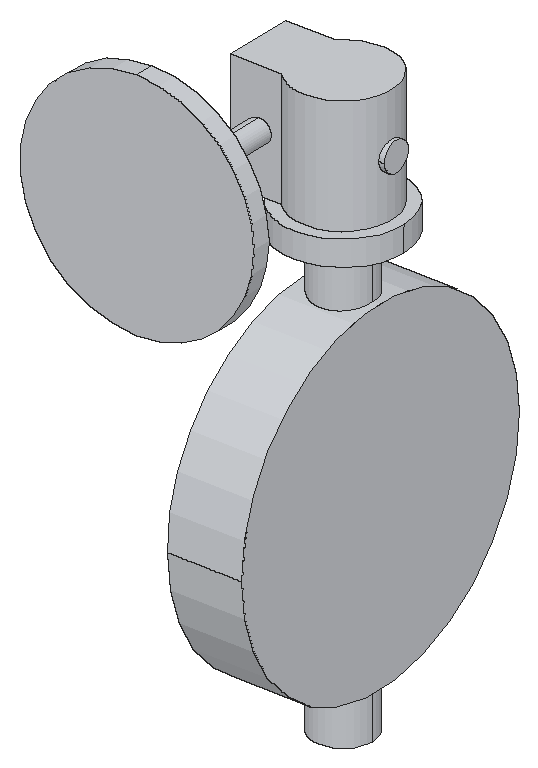
Revit family "HS497-67_disk-litina-převodové kolo DN500-RFA_2019", category Pipe Accessories, Revit 2019
Family settings
  Round Connector Dimension = Use Diameter
  Part Type = Valve - Breaks Into
  Work Plane-Based = No
  Always vertical = Yes
  Cut with Voids When Loaded = No
  Shared = No
Parameters (values of type "HS 497-67_DN500_PN10_převodové kolo")
  magiProductId = "7647804f32e94cef828a7034a91a46"
  magiProductFamilyId = "53cea81e6f374d17b8841d9c72ad77"
  magiPartTypeId = 305
  isMeasuringValve [instance] = no
  ang2D [instance] = 0.00°
  X11 = 143.397 mm
  X1 = 59.397 mm
  W2D = 1000 mm
  VersionID = "2.0/2017.9.26.1/ZETKAMA_497_001"
  Use Minimum Symbol Size [instance] = yes
  URL = "http://www.hydronic.cz"
  Type Comments = "mezipřírubová; litinový disk; PN10; -10~+110°C (krátkodobě +120°C)"
  SW30 = yes
  SW3 = yes
  SW21 = no
  SW20 = no
  SW2 = no
  SW1 = no
  R = 250 mm
  QmdConnectorList = "301;D;302;D"
  Productdata [instance] = ""
  NC = 91.5 mm
  Model = ""
  Manufacturer = "Hydronic Systems Prague s.r.o."
  MM20 = 59.397 mm
  MC Product Code = "125 500 (litinový disk, s převodovým kolem; DN500; PN10, kvs23805)"
  M41 = 144.75 mm
  M4 = 96.5 mm
  LHL = 220 mm
  LHH3 = 2.45 mm
  LHH1 = 46.55 mm
  LH1 = 73.333 mm
  L4R__ve = -L4R  # -32.1 mm
  L4R = 32.1 mm
  L42__ve = -L42  # -240.75 mm
  L42 = 240.75 mm
  L41__ve = -L41  # -48.15 mm
  L41 = 48.15 mm
  L2D_Min = 3048 mm
  L2D = 216 mm
  L2 = 63.5 mm
  L1 = 101.6 mm
  L = 127 mm
  H = 38 mm
  G22 = 11.25 mm
  G2 = 22.5 mm
  G1 = 90 mm
  G = 210 mm
  F = 36 mm
  E44 = 100 mm
  E42 = 200 mm
  E4 = 400 mm
  E23 = 4.9 mm
  E22 = 19.6 mm
  E21 = 9.8 mm
  Description = "Mezipřírubová uzavírací klapka s převodovým kolem; litinový disk, DN500; PN10; kvs23805"
  DR2 = 250 mm
  DR = 593 mm
  DD1 = 50 mm
  DD = 40 mm
  D = 500 mm
  CAT0 = yes
  B2__ve = -B2  # -130 mm
  B2 = 130 mm
  A2 = 43.25 mm
  A1 = 139.25 mm
Types (43, lengths in mm): name | magiProductId | X11 | X1 | Type Comments | SW30 | SW3 | SW20 | SW2 | SW1 | R | NC | MM20 | MC Product Code | M41 | M4 | LHL | LHH3 | LHH1 | LH1 | L4R__ve | L4R | L42__ve | L42 | L41__ve | L41 | L2 | L1 | L | H | G | F | E44 | E42 | E4 | E23 | E22 | E21 | Description | DR2 | DR | DD1 | DD | D | B2__ve | B2 | A2 | A1
  HS 497-67_DN100_PN16_volné vřeteno | "65d1b245f4f142c78569c0602d5754" | 61.456 | 25.456 | "mezipřírubová; litinový disk; PN16; -10~+110°C (krátkodobě +120°C)" | no | no | no | no | yes | 50 | 50 | 25.456 | "123 100 (litinový disk, s volným vřetenem; DN100; PN16, kvs512)" | 66 | 44 | 220 | 2.45 | 46.55 | 73.333 | -12.8 | 12.8 | -96 | 96 | -19.2 | 19.2 | 26 | 41.6 | 52 | 30 | 90 | 11 | 31.25 | 62.5 | 125 | 4.9 | 19.6 | 9.8 | "Mezipřírubová uzavírací klapka s volným vřetenem; litinový disk, DN100; PN16; kvs512" | 50 | 147 | 15.625 | 12.5 | 100 | -56 | 56 | 16.5 | 98.5
  HS 497-67_DN100_PN16_převodové kolo | "11e91b807e674d428c8e796fcdcfe2" | 61.456 | 25.456 | "mezipřírubová; litinový disk; PN16; -10~+110°C (krátkodobě +120°C)" | yes | yes | no | no | no | 50 | 50 | 25.456 | "125 100 (litinový disk, s převodovým kolem; DN100; PN16, kvs512)" | 65.25 | 43.5 | 220 | 2.45 | 46.55 | 73.333 | -12.8 | 12.8 | -96 | 96 | -19.2 | 19.2 | 26 | 41.6 | 52 | 30 | 90 | 11 | 31.25 | 62.5 | 125 | 4.9 | 19.6 | 9.8 | "Mezipřírubová uzavírací klapka s převodovým kolem; litinový disk, DN100; PN16; kvs512" | 50 | 147 | 15.625 | 12.5 | 100 | -56 | 56 | 16.5 | 98.5
  HS 497-67_DN100_PN16_s pákou | "28172f0b3f4b47b28323ac71cf8749" | 61.456 | 25.456 | "mezipřírubová; litinový disk; PN16; -10~+110°C (krátkodobě +120°C)" | no | no | yes | yes | no | 50 | 50 | 25.456 | "120 100 (litinový disk, s pákou; DN100; PN16, kvs512)" | 66 | 44 | 260 | 3 | 57 | 86.667 | -12.8 | 12.8 | -96 | 96 | -19.2 | 19.2 | 26 | 41.6 | 52 | 30 | 90 | 11 | 31.25 | 62.5 | 125 | 6 | 24 | 12 | "Mezipřírubová uzavírací klapka s pákou; litinový disk, DN100; PN16; kvs512" | 50 | 147 | 15.625 | 12.5 | 100 | -56 | 56 | 16.5 | 98.5
  HS 497-67_DN125_PN16_volné vřeteno | "0d813d910fc14f628bb3c2efbd185c" | 61.456 | 25.456 | "mezipřírubová; litinový disk; PN16; -10~+110°C (krátkodobě +120°C)" | no | no | no | no | yes | 62.5 | 50 | 25.456 | "123 125 (litinový disk, s volným vřetenem; DN125; PN16, kvs872)" | 66 | 44 | 220 | 2.45 | 46.55 | 73.333 | -12.8 | 12.8 | -96 | 96 | -19.2 | 19.2 | 28 | 44.8 | 56 | 33 | 90 | 14 | 31.25 | 62.5 | 125 | 4.9 | 19.6 | 9.8 | "Mezipřírubová uzavírací klapka s volným vřetenem; litinový disk, DN125; PN16; kvs872" | 62.5 | 180 | 15.625 | 12.5 | 125 | -64 | 64 | 18 | 99.5
  HS 497-67_DN125_PN16_převodové kolo | "c56b7c13f372467684996fb1e0e229" | 61.456 | 25.456 | "mezipřírubová; litinový disk; PN16; -10~+110°C (krátkodobě +120°C)" | yes | yes | no | no | no | 62.5 | 50 | 25.456 | "125 125 (litinový disk, s převodovým kolem; DN125; PN16, kvs872)" | 65.25 | 43.5 | 220 | 2.45 | 46.55 | 73.333 | -13.5 | 13.5 | -101.25 | 101.25 | -20.25 | 20.25 | 28 | 44.8 | 56 | 33 | 90 | 14 | 40 | 80 | 160 | 4.9 | 19.6 | 9.8 | "Mezipřírubová uzavírací klapka s převodovým kolem; litinový disk, DN125; PN16; kvs872" | 62.5 | 180 | 20 | 16 | 125 | -64 | 64 | 18 | 99.5
  HS 497-67_DN125_PN16_s pákou | "105993c79a91492399feef7931321a" | 61.456 | 25.456 | "mezipřírubová; litinový disk; PN16; -10~+110°C (krátkodobě +120°C)" | no | no | yes | yes | no | 62.5 | 50 | 25.456 | "120 125 (litinový disk, s pákou; DN125; PN16, kvs872)" | 66 | 44 | 315 | 3.75 | 71.25 | 105 | -12.8 | 12.8 | -96 | 96 | -19.2 | 19.2 | 28 | 44.8 | 56 | 33 | 90 | 14 | 31.25 | 62.5 | 125 | 7.5 | 30 | 15 | "Mezipřírubová uzavírací klapka s pákou; litinový disk, DN125; PN16; kvs872" | 62.5 | 180 | 15.625 | 12.5 | 125 | -64 | 64 | 18 | 99.5
  HS 497-67_DN150_PN16_volné vřeteno | "50c80cb8ab434f55ab7796e5ac1331" | 61.456 | 25.456 | "mezipřírubová; litinový disk; PN16; -10~+110°C (krátkodobě +120°C)" | no | no | no | no | yes | 75 | 50 | 25.456 | "123 150 (litinový disk, s volným vřetenem; DN150; PN16, kvs1347)" | 66 | 44 | 220 | 2.45 | 46.55 | 73.333 | -12.8 | 12.8 | -96 | 96 | -19.2 | 19.2 | 28 | 44.8 | 56 | 33 | 90 | 14 | 31.25 | 62.5 | 125 | 4.9 | 19.6 | 9.8 | "Mezipřírubová uzavírací klapka s volným vřetenem; litinový disk, DN150; PN16; kvs1347" | 75 | 206 | 15.625 | 12.5 | 150 | -58 | 58 | 19.3 | 98.7
  HS 497-67_DN150_PN16_převodové kolo | "d94a1a0cf83b476eb10011b327f709" | 61.456 | 25.456 | "mezipřírubová; litinový disk; PN16; -10~+110°C (krátkodobě +120°C)" | yes | yes | no | no | no | 75 | 50 | 25.456 | "125 150 (litinový disk, s převodovým kolem; DN150; PN16, kvs1347)" | 65.25 | 43.5 | 220 | 2.45 | 46.55 | 73.333 | -13.5 | 13.5 | -101.25 | 101.25 | -20.25 | 20.25 | 28 | 44.8 | 56 | 33 | 90 | 14 | 40 | 80 | 160 | 4.9 | 19.6 | 9.8 | "Mezipřírubová uzavírací klapka s převodovým kolem; litinový disk, DN150; PN16; kvs1347" | 75 | 206 | 20 | 16 | 150 | -58 | 58 | 19.3 | 98.7
  HS 497-67_DN150_PN16_s pákou | "4d2835523fe84828bc50ff0a5a0dfb" | 61.456 | 25.456 | "mezipřírubová; litinový disk; PN16; -10~+110°C (krátkodobě +120°C)" | no | no | yes | yes | no | 75 | 50 | 25.456 | "120 150 (litinový disk, s pákou; DN150; PN16, kvs1347)" | 66 | 44 | 315 | 3.75 | 71.25 | 105 | -12.8 | 12.8 | -96 | 96 | -19.2 | 19.2 | 28 | 44.8 | 56 | 33 | 90 | 14 | 31.25 | 62.5 | 125 | 7.5 | 30 | 15 | "Mezipřírubová uzavírací klapka s pákou; litinový disk, DN150; PN16; kvs1347" | 75 | 206 | 15.625 | 12.5 | 150 | -58 | 58 | 19.3 | 98.7
  HS 497-67_DN200_PN16_volné vřeteno | "5b29029eaeba47139ee1055a4b9201" | 61.456 | 25.456 | "mezipřírubová; litinový disk; PN16; -10~+110°C (krátkodobě +120°C)" | no | no | no | no | yes | 100 | 50 | 25.456 | "123 200 (litinový disk, s volným vřetenem; DN200; PN16, kvs2675)" | 66 | 44 | 220 | 2.45 | 46.55 | 73.333 | -12.8 | 12.8 | -96 | 96 | -19.2 | 19.2 | 30 | 48 | 60 | 33 | 90 | 17 | 31.25 | 62.5 | 125 | 4.9 | 19.6 | 9.8 | "Mezipřírubová uzavírací klapka s volným vřetenem; litinový disk, DN200; PN16; kvs2675" | 100 | 257 | 15.625 | 12.5 | 200 | -70 | 70 | 22.5 | 102.5
  HS 497-67_DN200_PN16_převodové kolo | "b2793cc1fcc44cf2a35062cd67c04f" | 61.456 | 25.456 | "mezipřírubová; litinový disk; PN16; -10~+110°C (krátkodobě +120°C)" | yes | yes | no | no | no | 100 | 57 | 25.456 | "125 200 (litinový disk, s převodovým kolem; DN200; PN16, kvs2675)" | 78.75 | 52.5 | 220 | 2.45 | 46.55 | 73.333 | -15.2 | 15.2 | -114 | 114 | -22.8 | 22.8 | 30 | 48 | 60 | 33 | 90 | 17 | 50 | 100 | 200 | 4.9 | 19.6 | 9.8 | "Mezipřírubová uzavírací klapka s převodovým kolem; litinový disk, DN200; PN16; kvs2675" | 100 | 257 | 25 | 20 | 200 | -70 | 70 | 22.5 | 102.5
  HS 497-67_DN200_PN16_s pákou | "f88d96c7af224537a51e72d7d8fffe" | 61.456 | 25.456 | "mezipřírubová; litinový disk; PN16; -10~+110°C (krátkodobě +120°C)" | no | no | yes | yes | no | 100 | 50 | 25.456 | "120 200 (litinový disk, s pákou; DN200; PN16, kvs2675)" | 66 | 44 | 315 | 3.75 | 71.25 | 105 | -12.8 | 12.8 | -96 | 96 | -19.2 | 19.2 | 30 | 48 | 60 | 33 | 90 | 17 | 31.25 | 62.5 | 125 | 7.5 | 30 | 15 | "Mezipřírubová uzavírací klapka s pákou; litinový disk, DN200; PN16; kvs2675" | 100 | 257 | 15.625 | 12.5 | 200 | -70 | 70 | 22.5 | 102.5
  HS 497-67_DN250_PN16_volné vřeteno | "b662e8305ca2402b9c510e66e6aa55" | 88.77 | 36.77 | "mezipřírubová; litinový disk; PN16; -10~+110°C (krátkodobě +120°C)" | no | no | no | no | yes | 125 | 50 | 36.77 | "123 250 (litinový disk, s volným vřetenem; DN250; PN16, kvs4555)" | 66 | 44 | 220 | 2.45 | 46.55 | 73.333 | -12.8 | 12.8 | -96 | 96 | -19.2 | 19.2 | 34 | 54.4 | 68 | 23 | 130 | 22 | 31.25 | 62.5 | 125 | 4.9 | 19.6 | 9.8 | "Mezipřírubová uzavírací klapka s volným vřetenem; litinový disk, DN250; PN16; kvs4555" | 125 | 324 | 15.625 | 12.5 | 250 | -85 | 85 | 28.25 | 129.25
  HS 497-67_DN250_PN16_převodové kolo | "5ee9016806664ddfaa2632711f295c" | 88.77 | 36.77 | "mezipřírubová; litinový disk; PN16; -10~+110°C (krátkodobě +120°C)" | yes | yes | no | no | no | 125 | 70 | 36.77 | "125 250 (litinový disk, s převodovým kolem; DN250; PN16, kvs4555)" | 91.5 | 61 | 220 | 2.45 | 46.55 | 73.333 | -22.2 | 22.2 | -166.5 | 166.5 | -33.3 | 33.3 | 34 | 54.4 | 68 | 23 | 130 | 22 | 62.5 | 125 | 250 | 4.9 | 19.6 | 9.8 | "Mezipřírubová uzavírací klapka s převodovým kolem; litinový disk, DN250; PN16; kvs4555" | 125 | 324 | 31.25 | 25 | 250 | -85 | 85 | 28.25 | 129.25
  HS 497-67_DN300_PN16_volné vřeteno | "e1886f51ff004380a649519258edf2" | 88.77 | 36.77 | "mezipřírubová; litinový disk; PN16; -10~+110°C (krátkodobě +120°C)" | no | no | no | no | yes | 150 | 50 | 36.77 | "123 300 (litinový disk, s volným vřetenem; DN300; PN16, kvs7037)" | 66 | 44 | 220 | 2.45 | 46.55 | 73.333 | -12.8 | 12.8 | -96 | 96 | -19.2 | 19.2 | 39 | 62.4 | 78 | 23 | 130 | 22 | 31.25 | 62.5 | 125 | 4.9 | 19.6 | 9.8 | "Mezipřírubová uzavírací klapka s volným vřetenem; litinový disk, DN300; PN16; kvs7037" | 150 | 376 | 15.625 | 12.5 | 300 | -90 | 90 | 30.8 | 127.2
  HS 497-67_DN300_PN16_převodové kolo | "6860f094f77d42088fbebc3c97f755" | 88.77 | 36.77 | "mezipřírubová; litinový disk; PN16; -10~+110°C (krátkodobě +120°C)" | yes | yes | no | no | no | 150 | 70 | 36.77 | "125 300 (litinový disk, s převodovým kolem; DN300; PN16, kvs7037)" | 91.5 | 61 | 220 | 2.45 | 46.55 | 73.333 | -22.2 | 22.2 | -166.5 | 166.5 | -33.3 | 33.3 | 39 | 62.4 | 78 | 23 | 130 | 22 | 62.5 | 125 | 250 | 4.9 | 19.6 | 9.8 | "Mezipřírubová uzavírací klapka s převodovým kolem; litinový disk, DN300; PN16; kvs7037" | 150 | 376 | 31.25 | 25 | 300 | -90 | 90 | 30.8 | 127.2
  HS 497-67_DN032_PN16_volné vřeteno | "8c5f65de52aa4067a77564107e31b2" | 61.456 | 25.456 | "mezipřírubová; litinový disk; PN16; -10~+110°C (krátkodobě +120°C)" | no | no | no | no | yes | 16 | 50 | 25.456 | "123 032 (litinový disk, s volným vřetenem; DN32; PN16, kvs78)" | 66 | 44 | 220 | 2.45 | 46.55 | 73.333 | -12.8 | 12.8 | -96 | 96 | -19.2 | 19.2 | 16.5 | 26.4 | 33 | 30 | 90 | 11 | 31.25 | 62.5 | 125 | 4.9 | 19.6 | 9.8 | "Mezipřírubová uzavírací klapka s volným vřetenem; litinový disk, DN32; PN16; kvs78" | 16 | 68 | 15.625 | 12.5 | 32 | -44.2 | 44.2 | 10.25 | 76.25
  HS 497-67_DN032_PN16_převodové kolo | "60aaeffa8b3a4e809ef000e4660060" | 61.456 | 25.456 | "mezipřírubová; litinový disk; PN16; -10~+110°C (krátkodobě +120°C)" | yes | yes | no | no | no | 16 | 50 | 25.456 | "125 032 (litinový disk, s převodovým kolem; DN32; PN16, kvs78)" | 65.25 | 43.5 | 220 | 2.45 | 46.55 | 73.333 | -12.8 | 12.8 | -96 | 96 | -19.2 | 19.2 | 16.5 | 26.4 | 33 | 30 | 90 | 11 | 31.25 | 62.5 | 125 | 4.9 | 19.6 | 9.8 | "Mezipřírubová uzavírací klapka s převodovým kolem; litinový disk, DN32; PN16; kvs78" | 16 | 68 | 15.625 | 12.5 | 32 | -44.2 | 44.2 | 10.25 | 76.25
  HS 497-67_DN032_PN16_s pákou | "9ad8088d610749a1b871aa2aad8007" | 61.456 | 25.456 | "mezipřírubová; litinový disk; PN16; -10~+110°C (krátkodobě +120°C)" | no | no | yes | yes | no | 16 | 50 | 25.456 | "120 032 (litinový disk, s pákou; DN32; PN16, kvs78)" | 66 | 44 | 220 | 2.45 | 46.55 | 73.333 | -12.8 | 12.8 | -96 | 96 | -19.2 | 19.2 | 16.5 | 26.4 | 33 | 30 | 90 | 11 | 31.25 | 62.5 | 125 | 4.9 | 19.6 | 9.8 | "Mezipřírubová uzavírací klapka s pákou; litinový disk, DN32; PN16; kvs78" | 16 | 68 | 15.625 | 12.5 | 32 | -44.2 | 44.2 | 10.25 | 76.25
  HS 497-67_DN350_PN10_volné vřeteno | "72a1e05f22944421b7e9596a877137" | 109.255 | 45.255 | "mezipřírubová; litinový disk; PN10; -10~+110°C (krátkodobě +120°C)" | no | no | no | no | yes | 175 | 50 | 45.255 | "123 350 (litinový disk, s volným vřetenem; DN350; PN10, kvs10165)" | 66 | 44 | 220 | 2.45 | 46.55 | 73.333 | -12.8 | 12.8 | -96 | 96 | -19.2 | 19.2 | 39 | 62.4 | 78 | 31 | 160 | 22 | 31.25 | 62.5 | 125 | 4.9 | 19.6 | 9.8 | "Mezipřírubová uzavírací klapka s volným vřetenem; litinový disk, DN350; PN10; kvs10165" | 175 | 430 | 15.625 | 12.5 | 350 | -88 | 88 | 33.85 | 129.65
  HS 497-67_DN350_PN10_převodové kolo | "a5a01426cb28494ba3afca92f1dace" | 109.255 | 45.255 | "mezipřírubová; litinový disk; PN10; -10~+110°C (krátkodobě +120°C)" | yes | yes | no | no | no | 175 | 70 | 45.255 | "125 350 (litinový disk, s převodovým kolem; DN350; PN10, kvs10165)" | 91.5 | 61 | 220 | 2.45 | 46.55 | 73.333 | -22.2 | 22.2 | -166.5 | 166.5 | -33.3 | 33.3 | 39 | 62.4 | 78 | 31 | 160 | 22 | 62.5 | 125 | 250 | 4.9 | 19.6 | 9.8 | "Mezipřírubová uzavírací klapka s převodovým kolem; litinový disk, DN350; PN10; kvs10165" | 175 | 430 | 31.25 | 25 | 350 | -88 | 88 | 33.85 | 129.65
  HS 497-67_DN400_PN10_volné vřeteno | "c70ebeb927c04ab99b176e257ad0a7" | 109.255 | 45.255 | "mezipřírubová; litinový disk; PN10; -10~+110°C (krátkodobě +120°C)" | no | no | no | no | yes | 200 | 50 | 45.255 | "123 400 (litinový disk, s volným vřetenem; DN400; PN10, kvs13799)" | 66 | 44 | 220 | 2.45 | 46.55 | 73.333 | -12.8 | 12.8 | -96 | 96 | -19.2 | 19.2 | 51 | 81.6 | 102 | 31 | 160 | 27 | 31.25 | 62.5 | 125 | 4.9 | 19.6 | 9.8 | "Mezipřírubová uzavírací klapka s volným vřetenem; litinový disk, DN400; PN10; kvs13799" | 200 | 485 | 15.625 | 12.5 | 400 | -108 | 108 | 38 | 142
  HS 497-67_DN400_PN10_převodové kolo | "cc64a4384dcb41b780d81810f4f293" | 109.255 | 45.255 | "mezipřírubová; litinový disk; PN10; -10~+110°C (krátkodobě +120°C)" | yes | yes | no | no | no | 200 | 72.5 | 45.255 | "125 400 (litinový disk, s převodovým kolem; DN400; PN10, kvs13799)" | 103.5 | 69 | 220 | 2.45 | 46.55 | 73.333 | -27.8 | 27.8 | -208.5 | 208.5 | -41.7 | 41.7 | 51 | 81.6 | 102 | 31 | 160 | 27 | 75 | 150 | 300 | 4.9 | 19.6 | 9.8 | "Mezipřírubová uzavírací klapka s převodovým kolem; litinový disk, DN400; PN10; kvs13799" | 200 | 485 | 37.5 | 30 | 400 | -108 | 108 | 38 | 142
  HS 497-67_DN040_PN16_volné vřeteno | "35f92312390745e88df5b5c325d9ee" | 61.456 | 25.456 | "mezipřírubová; litinový disk; PN16; -10~+110°C (krátkodobě +120°C)" | no | no | no | no | yes | 20 | 50 | 25.456 | "123 040 (litinový disk, s volným vřetenem; DN40; PN16, kvs78)" | 66 | 44 | 220 | 2.45 | 46.55 | 73.333 | -12.8 | 12.8 | -96 | 96 | -19.2 | 19.2 | 16.5 | 26.4 | 33 | 30 | 90 | 11 | 31.25 | 62.5 | 125 | 4.9 | 19.6 | 9.8 | "Mezipřírubová uzavírací klapka s volným vřetenem; litinový disk, DN40; PN16; kvs78" | 20 | 76 | 15.625 | 12.5 | 40 | -36 | 36 | 11 | 79
  HS 497-67_DN040_PN16_převodové kolo | "d88e968eae3445bc9b7b4e6ff35127" | 61.456 | 25.456 | "mezipřírubová; litinový disk; PN16; -10~+110°C (krátkodobě +120°C)" | yes | yes | no | no | no | 20 | 50 | 25.456 | "125 040 (litinový disk, s převodovým kolem; DN40; PN16, kvs78)" | 65.25 | 43.5 | 220 | 2.45 | 46.55 | 73.333 | -12.8 | 12.8 | -96 | 96 | -19.2 | 19.2 | 16.5 | 26.4 | 33 | 30 | 90 | 11 | 31.25 | 62.5 | 125 | 4.9 | 19.6 | 9.8 | "Mezipřírubová uzavírací klapka s převodovým kolem; litinový disk, DN40; PN16; kvs78" | 20 | 76 | 15.625 | 12.5 | 40 | -36 | 36 | 11 | 79
  HS 497-67_DN040_PN16_s pákou | "c1b522ca65b4407a98818f232eaacb" | 61.456 | 25.456 | "mezipřírubová; litinový disk; PN16; -10~+110°C (krátkodobě +120°C)" | no | no | yes | yes | no | 20 | 50 | 25.456 | "120 040 (litinový disk, s pákou; DN40; PN16, kvs78)" | 66 | 44 | 220 | 2.45 | 46.55 | 73.333 | -12.8 | 12.8 | -96 | 96 | -19.2 | 19.2 | 16.5 | 26.4 | 33 | 30 | 90 | 11 | 31.25 | 62.5 | 125 | 4.9 | 19.6 | 9.8 | "Mezipřírubová uzavírací klapka s pákou; litinový disk, DN40; PN16; kvs78" | 20 | 76 | 15.625 | 12.5 | 40 | -36 | 36 | 11 | 79
  HS 497-67_DN450_PN10_volné vřeteno | "a8358bc282f14872b3194e530e590a" | 129.74 | 53.74 | "mezipřírubová; litinový disk; PN10; -10~+110°C (krátkodobě +120°C)" | no | no | no | no | yes | 225 | 50 | 53.74 | "123 450 (litinový disk, s volným vřetenem; DN450; PN10, kvs18514)" | 66 | 44 | 220 | 2.45 | 46.55 | 73.333 | -12.8 | 12.8 | -96 | 96 | -19.2 | 19.2 | 57 | 91.2 | 114 | 38 | 190 | 36 | 31.25 | 62.5 | 125 | 4.9 | 19.6 | 9.8 | "Mezipřírubová uzavírací klapka s volným vřetenem; litinový disk, DN450; PN10; kvs18514" | 225 | 536 | 15.625 | 12.5 | 450 | -115 | 115 | 38.05 | 117.45
  HS 497-67_DN450_PN10_převodové kolo | "cdf2d80f54a9414f9cbe50647c0ebd" | 129.74 | 53.74 | "mezipřírubová; litinový disk; PN10; -10~+110°C (krátkodobě +120°C)" | yes | yes | no | no | no | 225 | 91.5 | 53.74 | "125 450 (litinový disk, s převodovým kolem; DN450; PN10, kvs18514)" | 144.75 | 96.5 | 220 | 2.45 | 46.55 | 73.333 | -32.1 | 32.1 | -240.75 | 240.75 | -48.15 | 48.15 | 57 | 91.2 | 114 | 38 | 190 | 36 | 100 | 200 | 400 | 4.9 | 19.6 | 9.8 | "Mezipřírubová uzavírací klapka s převodovým kolem; litinový disk, DN450; PN10; kvs18514" | 225 | 536 | 50 | 40 | 450 | -115 | 115 | 38.05 | 117.45
  HS 497-67_DN500_PN10_volné vřeteno | "8c396e27bb2743f98f3c762b6517cd" | 143.397 | 59.397 | "mezipřírubová; litinový disk; PN10; -10~+110°C (krátkodobě +120°C)" | no | no | no | no | yes | 250 | 50 | 59.397 | "123 500 (litinový disk, s volným vřetenem; DN500; PN10, kvs23805)" | 66 | 44 | 220 | 2.45 | 46.55 | 73.333 | -12.8 | 12.8 | -96 | 96 | -19.2 | 19.2 | 63.5 | 101.6 | 127 | 38 | 210 | 36 | 31.25 | 62.5 | 125 | 4.9 | 19.6 | 9.8 | "Mezipřírubová uzavírací klapka s volným vřetenem; litinový disk, DN500; PN10; kvs23805" | 250 | 593 | 15.625 | 12.5 | 500 | -130 | 130 | 43.25 | 139.25
  HS 497-67_DN500_PN10_převodové kolo | "7647804f32e94cef828a7034a91a46" | 143.397 | 59.397 | "mezipřírubová; litinový disk; PN10; -10~+110°C (krátkodobě +120°C)" | yes | yes | no | no | no | 250 | 91.5 | 59.397 | "125 500 (litinový disk, s převodovým kolem; DN500; PN10, kvs23805)" | 144.75 | 96.5 | 220 | 2.45 | 46.55 | 73.333 | -32.1 | 32.1 | -240.75 | 240.75 | -48.15 | 48.15 | 63.5 | 101.6 | 127 | 38 | 210 | 36 | 100 | 200 | 400 | 4.9 | 19.6 | 9.8 | "Mezipřírubová uzavírací klapka s převodovým kolem; litinový disk, DN500; PN10; kvs23805" | 250 | 593 | 50 | 40 | 500 | -130 | 130 | 43.25 | 139.25
  HS 497-67_DN050_volné vřeteno | "d71f296ecd6d4adf8f6e5d9853b4e0" | 61.456 | 25.456 | "mezipřírubová; litinový disk; PN16; -10~+110°C (krátkodobě +120°C)" | no | no | no | no | yes | 25 | 50 | 25.456 | "123 050 (litinový disk, s volným vřetenem; DN50; PN16, kvs98)" | 66 | 44 | 220 | 2.45 | 46.55 | 73.333 | -12.8 | 12.8 | -96 | 96 | -19.2 | 19.2 | 21.5 | 34.4 | 43 | 30 | 90 | 11 | 31.25 | 62.5 | 125 | 4.9 | 19.6 | 9.8 | "Mezipřírubová uzavírací klapka s volným vřetenem; litinový disk, DN50; PN16; kvs98" | 25 | 100 | 15.625 | 12.5 | 50 | -36.5 | 36.5 | 12 | 83
  HS 497-67_DN050_PN16_převodové kolo | "2fb080deeaed49c58418b94c1da5a4" | 61.456 | 25.456 | "mezipřírubová; litinový disk; PN16; -10~+110°C (krátkodobě +120°C)" | yes | yes | no | no | no | 25 | 50 | 25.456 | "125 050 (litinový disk, s převodovým kolem; DN50; PN16, kvs98)" | 65.25 | 43.5 | 220 | 2.45 | 46.55 | 73.333 | -12.8 | 12.8 | -96 | 96 | -19.2 | 19.2 | 21.5 | 34.4 | 43 | 30 | 90 | 11 | 31.25 | 62.5 | 125 | 4.9 | 19.6 | 9.8 | "Mezipřírubová uzavírací klapka s převodovým kolem; litinový disk, DN50; PN16; kvs98" | 25 | 100 | 15.625 | 12.5 | 50 | -36.5 | 36.5 | 12 | 83
  HS 497-67_DN050_PN16_s pákou | "dabc632061f94877a994b9b4e68112" | 61.456 | 25.456 | "mezipřírubová; litinový disk; PN16; -10~+110°C (krátkodobě +120°C)" | no | no | yes | yes | no | 25 | 50 | 25.456 | "120 050 (litinový disk, s pákou; DN50; PN16, kvs98)" | 66 | 44 | 220 | 2.45 | 46.55 | 73.333 | -12.8 | 12.8 | -96 | 96 | -19.2 | 19.2 | 21.5 | 34.4 | 43 | 30 | 90 | 11 | 31.25 | 62.5 | 125 | 4.9 | 19.6 | 9.8 | "Mezipřírubová uzavírací klapka s pákou; litinový disk, DN50; PN16; kvs98" | 25 | 100 | 15.625 | 12.5 | 50 | -36.5 | 36.5 | 12 | 83
  HS 497-67_DN600_PN10_volné vřeteno | "99d5892c14664fce81a7c5903f7711" | 143.397 | 59.397 | "mezipřírubová; litinový disk; PN10; -10~+110°C (krátkodobě +120°C)" | no | no | no | no | yes | 300 | 50 | 59.397 | "123 600 (litinový disk, s volným vřetenem; DN600; PN10, kvs36778)" | 66 | 44 | 220 | 2.45 | 46.55 | 73.333 | -12.8 | 12.8 | -96 | 96 | -19.2 | 19.2 | 77 | 123.2 | 154 | 80 | 210 | 60 | 31.25 | 62.5 | 125 | 4.9 | 19.6 | 9.8 | "Mezipřírubová uzavírací klapka s volným vřetenem; litinový disk, DN600; PN10; kvs36788" | 300 | 690 | 15.625 | 12.5 | 600 | -140 | 140 | 49.4 | 144.6
  HS 497-67_DN600_PN10_převodové kolo | "b1e26faab48a4c499f6bb11e7e3002" | 143.397 | 59.397 | "mezipřírubová; litinový disk; PN10; -10~+110°C (krátkodobě +120°C)" | yes | yes | no | no | no | 300 | 140 | 59.397 | "125 600 (litinový disk, s převodovým kolem; DN600; PN10, kvs36778)" | 206.25 | 137.5 | 220 | 2.45 | 46.55 | 73.333 | -40.8 | 40.8 | -306 | 306 | -61.2 | 61.2 | 77 | 123.2 | 154 | 80 | 210 | 60 | 125 | 250 | 500 | 4.9 | 19.6 | 9.8 | "Mezipřírubová uzavírací klapka s převodovým kolem; litinový disk, DN600; PN10; kvs36788" | 300 | 690 | 62.5 | 50 | 600 | -140 | 140 | 49.4 | 144.6
  HS 497-67_DN065_PN16_volné vřeteno | "5e5e208646e34ec29f889baab5d08e" | 61.456 | 25.456 | "mezipřírubová; litinový disk; PN16; -10~+110°C (krátkodobě +120°C)" | no | no | no | no | yes | 32.5 | 50 | 25.456 | "123 065 (litinový disk, s volným vřetenem; DN65; PN16, kvs167)" | 66 | 44 | 220 | 2.45 | 46.55 | 73.333 | -12.8 | 12.8 | -96 | 96 | -19.2 | 19.2 | 23 | 36.8 | 46 | 30 | 90 | 11 | 31.25 | 62.5 | 125 | 4.9 | 19.6 | 9.8 | "Mezipřírubová uzavírací klapka s volným vřetenem; litinový disk, DN65; PN16; kv167" | 32.5 | 108 | 15.625 | 12.5 | 65 | -36.5 | 36.5 | 13.5 | 89
  HS 497-67_DN065_PN16_převodové kolo | "654d74c8d15540b0bfe523d988ccb3" | 61.456 | 25.456 | "mezipřírubová; litinový disk; PN16; -10~+110°C (krátkodobě +120°C)" | yes | yes | no | no | no | 32.5 | 50 | 25.456 | "125 065 (litinový disk, s převodovým kolem; DN65; PN16, kvs167)" | 65.25 | 43.5 | 220 | 2.45 | 46.55 | 73.333 | -12.8 | 12.8 | -96 | 96 | -19.2 | 19.2 | 23 | 36.8 | 46 | 30 | 90 | 11 | 31.25 | 62.5 | 125 | 4.9 | 19.6 | 9.8 | "Mezipřírubová uzavírací klapka s převodovým kolem; litinový disk, DN65; PN16; kvs167" | 32.5 | 108 | 15.625 | 12.5 | 65 | -36.5 | 36.5 | 13.5 | 89
  HS 497-67_DN065_PN16_s pákou | "ebeb4b59db0641caaf6d6635ab37b9" | 61.456 | 25.456 | "mezipřírubová; litinový disk; PN16; -10~+110°C (krátkodobě +120°C)" | no | no | yes | yes | no | 32.5 | 50 | 25.456 | "120 065 (litinový disk, s pákou; DN65; PN16, kvs167)" | 66 | 44 | 220 | 2.45 | 46.55 | 73.333 | -12.8 | 12.8 | -96 | 96 | -19.2 | 19.2 | 23 | 36.8 | 46 | 30 | 90 | 11 | 31.25 | 62.5 | 125 | 4.9 | 19.6 | 9.8 | "Mezipřírubová uzavírací klapka s pákou; litinový disk, DN65; PN16; kvs167" | 32.5 | 108 | 15.625 | 12.5 | 65 | -36.5 | 36.5 | 13.5 | 89
  HS 497-67_DN080_PN16_volné vřeteno | "9e85c75c18654e1185a9c48ed6b00e" | 61.456 | 25.456 | "mezipřírubová; litinový disk; PN16; -10~+110°C (krátkodobě +120°C)" | no | no | no | no | yes | 40 | 50 | 25.456 | "123 080 (litinový disk, s volným vřetenem; DN80; PN16, kvs258)" | 66 | 44 | 220 | 2.45 | 46.55 | 73.333 | -12.8 | 12.8 | -96 | 96 | -19.2 | 19.2 | 23 | 36.8 | 46 | 30 | 90 | 11 | 31.25 | 62.5 | 125 | 4.9 | 19.6 | 9.8 | "Mezipřírubová uzavírací klapka s volným vřetenem; litinový disk, DN80; PN16; kvs258" | 40 | 124 | 15.625 | 12.5 | 80 | -54 | 54 | 14.1 | 86.9
  HS 497-67_DN080_PN16_převodové kolo | "5b3c8238c3d041e68c75b199e7ea46" | 61.456 | 25.456 | "mezipřírubová; litinový disk; PN16; -10~+110°C (krátkodobě +120°C)" | yes | yes | no | no | no | 40 | 50 | 25.456 | "125 080 (litinový disk, s převodovým kolem; DN80; PN16, kvs258)" | 65.25 | 43.5 | 220 | 2.45 | 46.55 | 73.333 | -12.8 | 12.8 | -96 | 96 | -19.2 | 19.2 | 23 | 36.8 | 46 | 30 | 90 | 11 | 31.25 | 62.5 | 125 | 4.9 | 19.6 | 9.8 | "Mezipřírubová uzavírací klapka s převodovým kolem; litinový disk, DN80; PN16; kvs258" | 40 | 124 | 15.625 | 12.5 | 80 | -54 | 54 | 14.1 | 86.9
  HS 497-67_DN080_PN16_s pákou | "e414795fab0f4eccb99bc3572c5477" | 61.456 | 25.456 | "mezipřírubová; litinový disk; PN16; -10~+110°C (krátkodobě +120°C)" | no | no | yes | yes | no | 40 | 50 | 25.456 | "120 080 (litinový disk, s pákou; DN80; PN16, kvs258)" | 66 | 44 | 260 | 3 | 57 | 86.667 | -12.8 | 12.8 | -96 | 96 | -19.2 | 19.2 | 23 | 36.8 | 46 | 30 | 90 | 11 | 31.25 | 62.5 | 125 | 6 | 24 | 12 | "Mezipřírubová uzavírací klapka s pákou; litinový disk, DN80; PN16; kvs258" | 40 | 124 | 15.625 | 12.5 | 80 | -54 | 54 | 14.1 | 86.9
  HS 497-67_DN250_PN16_s pákou | "" | 88.77 | 36.77 | "mezipřírubová; litinový disk; PN16; -10~+110°C (krátkodobě +120°C)" | no | no | yes | yes | no | 125 | 70 | 36.77 | "120 250 (litinový disk, s pákou; DN250; PN16, kvs4555)" | 91.5 | 61 | 220 | 2.45 | 46.55 | 73.333 | -22.2 | 22.2 | -166.5 | 166.5 | -33.3 | 33.3 | 34 | 54.4 | 68 | 23 | 130 | 22 | 62.5 | 125 | 250 | 4.9 | 19.6 | 9.8 | "Mezipřírubová uzavírací klapka s pákou; litinový disk, DN250; PN16; kvs4555" | 125 | 324 | 31.25 | 25 | 250 | -85 | 85 | 28.25 | 129.25
  HS 497-67_DN300_PN16_s pákou | "" | 88.77 | 36.77 | "mezipřírubová; litinový disk; PN16; -10~+110°C (krátkodobě +120°C)" | no | no | yes | yes | no | 150 | 70 | 36.77 | "120 300 (litinový disk, s pákou; DN300; PN16, kvs7037)" | 91.5 | 61 | 220 | 2.45 | 46.55 | 73.333 | -22.2 | 22.2 | -166.5 | 166.5 | -33.3 | 33.3 | 39 | 62.4 | 78 | 23 | 130 | 22 | 62.5 | 125 | 250 | 4.9 | 19.6 | 9.8 | "Mezipřírubová uzavírací klapka s pákou; litinový disk, DN300; PN16; kvs7037" | 150 | 376 | 31.25 | 25 | 300 | -90 | 90 | 30.8 | 127.2
Reference planes
  plane 1 "Center (Front/Back)": y = 0
  plane 2 "XYPLANE": z = 0
  plane 3 "Center (Left/Right)": x = 0
  plane 4 "473": x = -59.397
  plane 5 "472": x = -144.75
  plane 6 "471": y = -59.397
  plane 7 "470": y = 59.397
  plane 8 "469": x = -96.5
  plane 9 "468": y = -288.9
  plane 10 "467": y = -240.75
  plane 11 "466": z = 532.5
  plane 12 "465": z = 479.05
  plane 13 "464": y = 145.417
  plane 14 "463": z = 469.25
  plane 15 "462": z = 452.1
  plane 16 "461": z = 461.9
  plane 17 "460": y = 72.083
  plane 18 "459": x = -11.25
  plane 19 "458": x = 11.25
  plane 20 "457": y = -6.25
  plane 21 "456": x = -17.5
  plane 22 "455": x = 17.5
  plane 23 "454": z = 466.8
  plane 24 "453": y = 62.083
  plane 25 "452": y = -11.25
  plane 26 "451": x = -22.5
  plane 27 "450": x = 22.5
  plane 28 "449": z = 447.2
  plane 29 "448": z = 442.3
  plane 30 "447": z = -250
  plane 31 "446": z = 432.5
  plane 32 "445": z = 389.25
  plane 33 "444": z = 250
  plane 34 "443": x = 63.5
  plane 35 "442": x = -63.5
  plane 36 "441": z = 0
  plane 37 "440": y = 0
  plane 38 "439": x = 0
  plane 39 "438": z = 481.5
  plane 40 "437": z = 466.8
  plane 41 "436": x = 13.7
  plane 42 "435": x = -13.7
  plane 43 "434": y = 220
Forms (mm)
  Extrusion 1, solid, visible <- "SW3"
    sketch origin (-750, 0, 432.5) x (1, 0, 0) y (0, 1, 0)
      loop
        line (605.25, 59.397) -> (605.25, -59.397) -> (690.603, -59.397)
        arc (690.603, -59.397) -> (834, 0) -> (690.603, 59.397) r 84
        line (690.603, 59.397) -> (605.25, 59.397)
    from 0 to 200 <- "E42"
  Extrusion 2, solid, visible <- "SW30"
    sketch origin (0, -750, 0) x (0, 1, 0) y (0, 0, 1)
      loop
        circle (750, 532.5) r 25
    from 0 to 91.5 <- "NC"
  Extrusion 3, solid, visible <- "SW30"
    sketch origin (750, -288.9, 0) x (-1, 0, 0) y (0, 0, 1)
      loop
        circle (846.5, 532.5) r 200
    from 0 to -32.1 <- "L4R__ve"
  Extrusion 4, solid, visible <- "SW3"
    sketch origin (750, -240.75, 0) x (-1, 0, 0) y (0, 0, 1)
      loop
        circle (846.5, 532.5) r 25
    from 0 to -48.15 <- "L41__ve"
  Extrusion 5, solid, visible <- "SW30"
    sketch origin (750, 0, 0) x (-1, 0, 0) y (0, 0, 1)
      loop
        circle (846.5, 532.5) r 20
    from 0 to -240.75 <- "L42__ve"
  Blend 6, solid, visible <- "SW21"
    base sketch origin (750, 72.083, 0) x (-1, 0, 0) y (0, 0, 1)
      loop
        line (761.25, 461.9) -> (738.75, 461.9) -> (738.75, 452.1) -> (761.25, 452.1) -> (761.25, 461.9)
    top sketch origin (750, 72.083, 0) x (-1, 0, 0) y (0, 0, 1)
      loop
        line (761.25, 479.05) -> (738.75, 479.05) -> (738.75, 469.25) -> (761.25, 469.25) -> (761.25, 479.05)
    from 0 to 73.333
  Blend 7, solid, visible <- "SW21"
    base sketch origin (750, 62.083, 0) x (-1, 0, 0) y (0, 0, 1)
      loop
        line (761.25, 466.8) -> (738.75, 466.8) -> (738.75, 447.2) -> (761.25, 447.2) -> (761.25, 466.8)
    top sketch origin (750, 62.083, 0) x (-1, 0, 0) y (0, 0, 1)
      loop
        line (761.25, 461.9) -> (738.75, 461.9) -> (738.75, 452.1) -> (761.25, 452.1) -> (761.25, 461.9)
    from 0 to 10
  Blend 8, solid, visible <- "SW21"
    base sketch origin (-750, 0, 447.2) x (1, 0, 0) y (0, 1, 0)
      loop
        line (772.5, 62.083) -> (727.5, 62.083) -> (727.5, -11.25)
        arc (727.5, -11.25) -> (750, -31.25) -> (772.5, -11.25) r 22.656
        line (772.5, -11.25) -> (772.5, 62.083)
    top sketch origin (-750, 0, 447.2) x (1, 0, 0) y (0, 1, 0)
      loop
        line (767.5, 62.083) -> (732.5, 62.083) -> (732.5, -6.25)
        arc (732.5, -6.25) -> (750, -26.25) -> (767.5, -6.25) r 17.656
        line (767.5, -6.25) -> (767.5, 62.083)
    from 0 to 19.6
  Extrusion 9, solid, visible <- "SW2"
    sketch origin (-750, 0, 442.3) x (1, 0, 0) y (0, 1, 0)
      loop
        circle (750, 0) r 11.25
    from 0 to 4.9 <- "E23"
  Extrusion 10, solid, visible <- "SW2"
    sketch origin (-750, 0, 432.5) x (1, 0, 0) y (0, 1, 0)
      loop
        circle (750, 0) r 45
    from 0 to 9.8 <- "E21"
  Extrusion 11, solid, visible <- "CAT0"
    sketch origin (-750, 0, -250) x (1, 0, 0) y (0, 1, 0)
      loop
        circle (750, 0) r 50.8
    from 0 to -130 <- "B2__ve"
  Extrusion 12, solid, visible <- "CAT0"
    sketch origin (-750, 0, 389.25) x (1, 0, 0) y (0, 1, 0)
      loop
        circle (750, 0) r 105
    from 0 to 43.25 <- "A2"
  Extrusion 13, solid, visible <- "CAT0"
    sketch origin (-750, 0, 250) x (1, 0, 0) y (0, 1, 0)
      loop
        circle (750, 0) r 50.8
    from 0 to 139.25 <- "A1"
  Extrusion 14, solid, visible <- "CAT0"
    sketch origin (-63.5, -750, 0) x (0, 1, 0) y (0, 0, 1)
      loop
        circle (750, 0) r 296.5
    from 0 to 127 <- "L"
  Extrusion 15, solid, visible <- "SW1"
    sketch origin (-750, 0, 432.5) x (1, 0, 0) y (0, 1, 0)
      loop
        line (768, 18) -> (732, 18) -> (732, -18) -> (768, -18) -> (768, 18)
    from 0 to 38 <- "H"
  Blend 16, solid, visible <- "SW2"
    base sketch origin (750, 145.417, 0) x (-1, 0, 0) y (0, 0, 1)
      loop
        arc (763.7, 476.5) -> (762.236, 480.036) -> (758.7, 481.5) r 5
        line (758.7, 481.5) -> (741.3, 481.5)
        arc (741.3, 481.5) -> (737.764, 480.036) -> (736.3, 476.5) r 5
        line (736.3, 476.5) -> (736.3, 471.8)
        arc (736.3, 471.8) -> (737.764, 468.264) -> (741.3, 466.8) r 5
        line (741.3, 466.8) -> (758.7, 466.8)
        arc (758.7, 466.8) -> (762.236, 468.264) -> (763.7, 471.8) r 5
        line (763.7, 471.8) -> (763.7, 476.5)
    top sketch origin (750, 145.417, 0) x (-1, 0, 0) y (0, 0, 1)
      loop
        arc (763.7, 476.5) -> (762.236, 480.036) -> (758.7, 481.5) r 5
        line (758.7, 481.5) -> (741.3, 481.5)
        arc (741.3, 481.5) -> (737.764, 480.036) -> (736.3, 476.5) r 5
        line (736.3, 476.5) -> (736.3, 471.8)
        arc (736.3, 471.8) -> (737.764, 468.264) -> (741.3, 466.8) r 5
        line (741.3, 466.8) -> (758.7, 466.8)
        arc (758.7, 466.8) -> (762.236, 468.264) -> (763.7, 471.8) r 5
        line (763.7, 471.8) -> (763.7, 476.5)
    from 0 to 74.583
  Blend 17, solid, visible <- "SW20"
    base sketch origin (750, 145.417, 0) x (-1, 0, 0) y (0, 0, 1)
      loop
        line (763.7, 481.5) -> (736.3, 481.5) -> (736.3, 466.8) -> (763.7, 466.8) -> (763.7, 481.5)
    top sketch origin (750, 145.417, 0) x (-1, 0, 0) y (0, 0, 1)
      loop
        line (761.25, 466.8) -> (738.75, 466.8) -> (738.75, 447.2) -> (761.25, 447.2) -> (761.25, 466.8)
    from 0 to -83.333
  Extrusion 18, solid, visible <- "SW20"
    sketch origin (-750, 0, 447.2) x (1, 0, 0) y (0, 1, 0)
      loop
        line (772.5, 62.083) -> (727.5, 62.083) -> (727.5, -11.25)
        arc (727.5, -11.25) -> (750, -31.25) -> (772.5, -11.25) r 22.656
        line (772.5, -11.25) -> (772.5, 62.083)
    from 0 to 19.6 <- "E22"
  Extrusion 19, solid, not visible
    sketch origin (-63.5, -750, 0) x (0, 1, 0) y (0, 0, 1)
      loop
        circle (750, 0) r 10
    from 0 to 10
  Extrusion 20, solid, not visible
    sketch origin (63.5, -750, 0) x (0, 1, 0) y (0, 0, 1)
      loop
        circle (750, 0) r 10
    from 0 to -10
Lines and regions (mm)
  reference lines, not visible
    curve 1: circle (2, 2, 0) r 1 normal (0, 0, 1)
  reference lines
    curve 2: line (-59.397, -59.397, 432.5) -> (-59.397, 59.397, 432.5)
    curve 3: line (-17.5, -6.25, 447.2) -> (17.5, -6.25, 447.2)
    curve 4: line (-22.5, -11.25, 447.2) -> (22.5, -11.25, 447.2)
    curve 5: circle (0, 0, 432.5) r 1 normal (0, 0, 1)
    curve 6: line (-22.5, -11.25, 447.2) -> (22.5, -11.25, 447.2)
Dimensions and locks
  plane 1 "Center (Front/Back)" to curve 1 = 2 mm
  "X1": plane 3 "Center (Left/Right)" to plane 4 "473"
  "M41": plane 3 "Center (Left/Right)" to plane 5 "472"
  "MM20": plane 1 "Center (Front/Back)" to plane 6 "471"
  "MM20": plane 1 "Center (Front/Back)" to plane 7 "470"
  "M4": plane 3 "Center (Left/Right)" to plane 8 "469"
  "L41": plane 10 "467" to plane 9 "468"
  "L42": plane 1 "Center (Front/Back)" to plane 10 "467"
  "E44": plane 31 "446" to plane 11 "466"
  "LHH1": plane 31 "446" to plane 12 "465"
  "LH1": plane 17 "460" to plane 13 "464"
  "E21": plane 12 "465" to plane 14 "463"
  "E21": plane 16 "461" to plane 15 "462"
  "E23": plane 23 "454" to plane 16 "461"
  locked: plane 24 "453" to plane 17 "460" at 10
  "G22": plane 3 "Center (Left/Right)" to plane 18 "459"
  "G22": plane 3 "Center (Left/Right)" to plane 19 "458"
  locked: plane 25 "452" to plane 20 "457" at 5
  locked: plane 26 "451" to plane 21 "456" at 5
  locked: plane 27 "450" to plane 22 "455" at 5
  "E22": plane 28 "449" to plane 23 "454"
  "LH1": plane 25 "452" to plane 24 "453"
  "G22": plane 1 "Center (Front/Back)" to plane 25 "452"
  "G2": plane 3 "Center (Left/Right)" to plane 26 "451"
  "G2": plane 3 "Center (Left/Right)" to plane 27 "450"
  "E23": plane 29 "448" to plane 28 "449"
  "E21": plane 31 "446" to plane 29 "448"
  "R": plane 2 "XYPLANE" to plane 30 "447"
  "A2": plane 32 "445" to plane 31 "446"
  "A1": plane 33 "444" to plane 32 "445"
  "DR2": plane 2 "XYPLANE" to plane 33 "444"
  "L2": plane 3 "Center (Left/Right)" to plane 34 "443"
  "L2": plane 3 "Center (Left/Right)" to plane 35 "442"
  locked: plane 2 "XYPLANE" to plane 36 "441"
  locked: plane 1 "Center (Front/Back)" to plane 37 "440"
  locked: plane 3 "Center (Left/Right)" to plane 38 "439"
  "LHH3": plane 12 "465" to plane 39 "438"
  "LHH3": plane 14 "463" to plane 40 "437"
  "LHH3": plane 19 "458" to plane 41 "436"
  "LHH3": plane 18 "459" to plane 42 "435"
  "LHL": plane 1 "Center (Front/Back)" to plane 43 "434"
  "X11": curve 2 to Extrusion 1 sketch curve
  Extrusion 1 sketch curve to Extrusion 1 sketch curve = 0 mm  (x8)
  Blend 6 sketch curve to Blend 6 sketch curve = 0 mm  (x16)
  Blend 7 sketch curve to Blend 7 sketch curve = 0 mm  (x16)
  Blend 8 sketch curve to Blend 8 sketch curve = 0 mm  (x16)
  equal spacing: Extrusion 15 sketch curve, curve 5, Extrusion 15 sketch curve  (x2)
  "F": Extrusion 15 sketch curve to Extrusion 15 sketch curve  (x2)
  Blend 16 sketch curve to Blend 16 sketch curve = 0 mm  (x32)
  Blend 17 sketch curve to Blend 17 sketch curve = 0 mm  (x16)
  Extrusion 18 sketch curve to Extrusion 18 sketch curve = 0 mm  (x8)
  "DD1": diameter of Extrusion 2 sketch curve
  "E4": diameter of Extrusion 3 sketch curve
  "DD1": diameter of Extrusion 4 sketch curve
  "DD": diameter of Extrusion 5 sketch curve
  "G2": diameter of Extrusion 9 sketch curve
  "G1": diameter of Extrusion 10 sketch curve
  "L1": diameter of Extrusion 11 sketch curve
  "G": diameter of Extrusion 12 sketch curve
  "L1": diameter of Extrusion 13 sketch curve
  "DR": diameter of Extrusion 14 sketch curve
  radius of Blend 16 sketch curve = 5 mm  (x8)
  aligned and locked: level to plane 2 "XYPLANE"
  aligned and locked: Extrusion 1 sketch curve to plane 5 "472"
  aligned and locked: plane 7 "470" to Extrusion 1 sketch curve
  aligned and locked: plane 6 "471" to Extrusion 1 sketch curve
  aligned and locked: plane 5 "472" to Extrusion 1 sketch curve
  aligned and locked: plane 4 "473" to Extrusion 1 sketch curve  (x2)
  aligned and locked: plane 4 "473" to curve 2
  aligned and locked: plane 6 "471" to curve 2
  aligned and locked: plane 7 "470" to curve 2
  aligned and locked: Extrusion 1 sketch curve to plane 7 "470"
  aligned and locked: plane 11 "466" to Extrusion 2 sketch curve
  aligned and locked: plane 37 "440" to Extrusion 2 sketch curve
  aligned and locked: plane 8 "469" to Extrusion 3 sketch curve
  aligned and locked: plane 11 "466" to Extrusion 3 sketch curve
  aligned and locked: plane 8 "469" to Extrusion 4 sketch curve
  aligned and locked: plane 11 "466" to Extrusion 4 sketch curve
  aligned and locked: plane 8 "469" to Extrusion 5 sketch curve
  aligned and locked: plane 11 "466" to Extrusion 5 sketch curve
  aligned and locked: plane 12 "465" to Blend 6 sketch curve  (x2)
  aligned and locked: plane 18 "459" to Blend 6 sketch curve  (x4)
  aligned and locked: plane 19 "458" to Blend 6 sketch curve  (x4)
  aligned and locked: plane 14 "463" to Blend 6 sketch curve  (x2)
  aligned and locked: plane 16 "461" to Blend 6 sketch curve  (x2)
  aligned and locked: plane 15 "462" to Blend 6 sketch curve  (x2)
  aligned and locked: plane 13 "464" to Blend 6
  aligned and locked: plane 16 "461" to Blend 7 sketch curve  (x2)
  aligned and locked: plane 18 "459" to Blend 7 sketch curve  (x4)
  aligned and locked: plane 19 "458" to Blend 7 sketch curve  (x4)
  aligned and locked: plane 15 "462" to Blend 7 sketch curve  (x2)
  aligned and locked: plane 23 "454" to Blend 7 sketch curve  (x2)
  aligned and locked: plane 28 "449" to Blend 7 sketch curve  (x2)
  aligned and locked: plane 17 "460" to Blend 7
  aligned and locked: plane 24 "453" to Blend 8 sketch curve  (x4)
  aligned and locked: plane 22 "455" to Blend 8 sketch curve  (x2)
  aligned and locked: plane 21 "456" to Blend 8 sketch curve
  aligned and locked: plane 20 "457" to Blend 8 sketch curve  (x2)
  aligned and locked: curve 3 to plane 20 "457"
  aligned and locked: plane 21 "456" to curve 3
  aligned and locked: plane 22 "455" to curve 3
  aligned and locked: plane 27 "450" to Blend 8 sketch curve  (x2)
  aligned and locked: plane 26 "451" to Blend 8 sketch curve
  aligned and locked: plane 25 "452" to Blend 8 sketch curve  (x2)
  aligned and locked: curve 4 to plane 25 "452"
  aligned and locked: plane 26 "451" to curve 4
  aligned and locked: plane 27 "450" to curve 4
  aligned and locked: plane 23 "454" to Blend 8
  aligned and locked: plane 37 "440" to Extrusion 9 sketch curve
  aligned and locked: plane 38 "439" to Extrusion 9 sketch curve
  aligned and locked: plane 37 "440" to Extrusion 10 sketch curve
  aligned and locked: plane 38 "439" to Extrusion 10 sketch curve
  aligned and locked: plane 37 "440" to Extrusion 11 sketch curve
  aligned and locked: plane 38 "439" to Extrusion 11 sketch curve
  aligned and locked: plane 37 "440" to Extrusion 12 sketch curve
  aligned and locked: plane 38 "439" to Extrusion 12 sketch curve
  aligned and locked: plane 37 "440" to Extrusion 13 sketch curve
  aligned and locked: plane 38 "439" to Extrusion 13 sketch curve
  aligned and locked: plane 36 "441" to Extrusion 14 sketch curve
  aligned and locked: Extrusion 14 sketch curve to plane 37 "440"
  aligned and locked: plane 37 "440" to curve 5
  aligned and locked: plane 38 "439" to curve 5
  aligned and locked: plane 39 "438" to Blend 16 sketch curve  (x2)
  aligned and locked: plane 41 "436" to Blend 16 sketch curve  (x2)
  aligned and locked: Blend 16 sketch curve to plane 40 "437"  (x2)
  aligned and locked: Blend 16 sketch curve to plane 42 "435"  (x2)
  aligned and locked: plane 43 "434" to Blend 16
  aligned and locked: plane 23 "454" to Blend 17 sketch curve  (x2)
  aligned and locked: plane 18 "459" to Blend 17 sketch curve  (x2)
  aligned and locked: plane 19 "458" to Blend 17 sketch curve  (x2)
  aligned and locked: plane 28 "449" to Blend 17 sketch curve  (x2)
  aligned and locked: plane 39 "438" to Blend 17 sketch curve  (x2)
  aligned and locked: plane 42 "435" to Blend 17 sketch curve  (x2)
  aligned and locked: plane 41 "436" to Blend 17 sketch curve  (x2)
  aligned and locked: plane 40 "437" to Blend 17 sketch curve  (x2)
  aligned and locked: Blend 17 to plane 24 "453"
  aligned and locked: plane 24 "453" to Extrusion 18 sketch curve  (x2)
  aligned and locked: plane 27 "450" to Extrusion 18 sketch curve  (x2)
  aligned and locked: plane 26 "451" to Extrusion 18 sketch curve
  aligned and locked: plane 25 "452" to Extrusion 18 sketch curve  (x2)
  aligned and locked: curve 6 to plane 25 "452"
  aligned and locked: plane 26 "451" to curve 6
  aligned and locked: plane 27 "450" to curve 6
  aligned and locked: plane 36 "441" to Extrusion 19 sketch curve
  aligned and locked: Extrusion 19 sketch curve to plane 37 "440"
  aligned and locked: plane 36 "441" to Extrusion 20 sketch curve
  aligned and locked: Extrusion 20 sketch curve to plane 37 "440"
Automatic sketch dimensions
  Blend 8 sketch curve to plane 20 "457" = 2.344 mm  (x2)
  Extrusion 18 sketch curve to plane 20 "457" = 2.344 mm
  plane 25 "452" to Extrusion 19 sketch curve = 1.25 mm
  plane 25 "452" to Extrusion 20 sketch curve = 1.25 mm
  plane 3 "Center (Left/Right)" to curve 1 = 2 mm
  Extrusion 15 sketch curve to plane 3 "Center (Left/Right)" = 18 mm
  Extrusion 15 sketch curve to plane 20 "457" = 11.75 mm
  radius of curve 5 = 1 mm
  radius of curve 1 = 1 mm
Connectors
  piping at (-63.5, 0, 0), diameter 500, driven by "D"
    settings: on Extrusion 19, index 1, connector inside diameter 609.6 mm, connector length 0 mm, flow factor 0, pipe flow 0.0 L/s, pressure drop 0.0 Pa, fitting loss kfactor 0, connector angle 0.00°, fixture units 0, engagement length 0 mm, angle of deflection 0.00°, flow configuration 0, flow direction 0, fitting loss method 0, system type 29, joint type 0, gender type 0, connector reference index 2, connector utility 0, adjustable connector no, is connector primary yes, connector description ""
  piping at (63.5, 0, 0), diameter 500, driven by "D"
    settings: on Extrusion 20, index 2, connector inside diameter 609.6 mm, connector length 0 mm, flow factor 0, pipe flow 0.0 L/s, pressure drop 0.0 Pa, fitting loss kfactor 0, connector angle 0.00°, fixture units 0, engagement length 0 mm, angle of deflection 0.00°, flow configuration 0, flow direction 0, fitting loss method 0, system type 29, joint type 0, gender type 0, connector reference index 1, connector utility 0, adjustable connector no, is connector primary no, connector description ""
